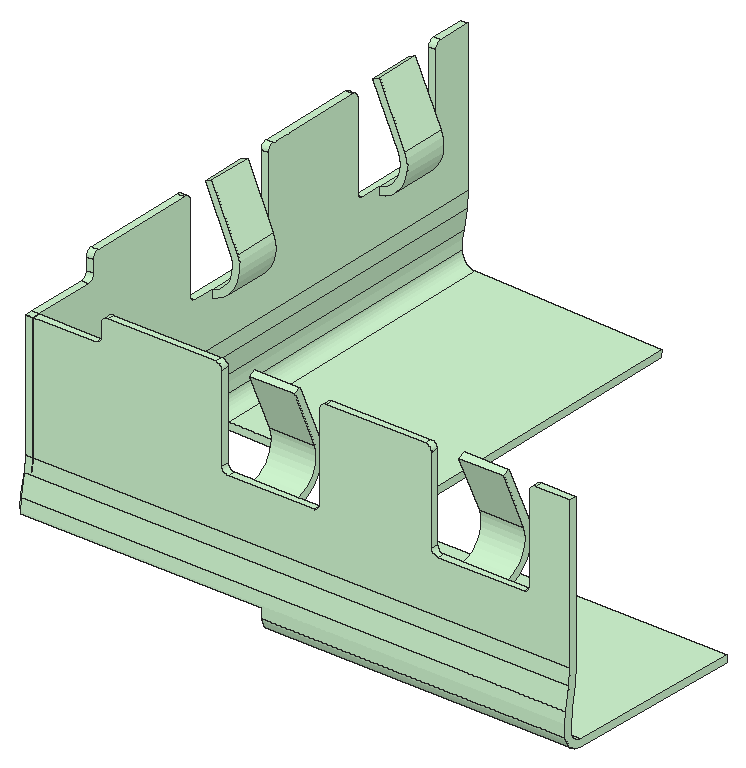
Revit family "25Lバー入隅J-eL3025(ツメ)", category 機械設備, Revit 2020
Family settings
  丸型コネクタ寸法 = 直径を使用
  種別 = なし
  パーツ タイプ = 標準
  作業面ベース = いいえ
  常に垂直 = はい
  ロード時にボイドで切り取り = いいえ
  共有 = いいえ
  部屋計算ポイント = いいえ
Parameters
  製造元 = "株式会社桐井製作所"
  既定の高さ = 0 mm
  URL = "https://www.kirii.co.jp/"
  K_材質 = "溶融亜鉛めっき鋼板及び鋼帯 SGCC 一般用"
  K_品名 = "25Lバー入隅J-eL3025(ツメ)"
  K_名称 = "Lバージョイント"
  K_入数 = "300"
  K_備考 = "対象Lバー:eL3025(25面）"
  K_バージョン情報 = "20220915"
  K_めっき付着量 = "Z12"
  K_JIS規格 = "JIS G 3302"
Reference planes
  plane 1 "中心(正面/背面)": y = 0
  plane 2: z = 0
  plane 3 "中心(左/右)": x = 0
Forms (mm)
  Extrusion 1, solid
    sketch origin (0, 0, 0) x (0, 1, 0) y (0, 0, 1)
      loop
        arc (-0.8, 8.594) -> (-0.836, 7.748) -> (-0.943, 6.909) r 10
        line (-0.943, 6.909) -> (-1.357, 4.488)
        arc (-1.357, 4.488) -> (-1.492, 3.205) -> (-1.461, 1.915) r 10
        arc (-1.461, 1.915) -> (-0.699, 0.595) -> (0.72, 0.041) r 2.3
        line (0.72, 0.041) -> (21.2, -0.5) -> (21.228, 0.3) -> (0.747, 0.84)
        arc (0.747, 0.84) -> (-0.324, 1.346) -> (-0.694, 2.472) r 1.5
        arc (-0.694, 2.472) -> (-0.68, 3.416) -> (-0.568, 4.353) r 9.2
        line (-0.568, 4.353) -> (-0.154, 6.774)
        arc (-0.154, 6.774) -> (-0.039, 7.681) -> (0, 8.594) r 10.8
        line (0, 8.594) -> (0, 25.5) -> (-0.8, 25.5) -> (-0.8, 8.594)
    from -0.8 to 60.2
  Extrusion 2, void
    sketch origin (0, 0, 0) x (1, 0, 0) y (0, 0, 1)
      loop
        line (21.2, 24.8) -> (21.2, 15.2)
        arc (21.2, 15.2) -> (21.405, 14.705) -> (21.9, 14.5) r 0.7
        line (21.9, 14.5) -> (31.5, 14.5)
        arc (31.5, 14.5) -> (31.995, 14.705) -> (32.2, 15.2) r 0.7
        line (32.2, 15.2) -> (32.2, 24.8)
        arc (32.2, 24.8) -> (32.405, 25.295) -> (32.9, 25.5) r 0.7
        line (32.9, 25.5) -> (20.5, 25.5)
        arc (20.5, 25.5) -> (20.995, 25.295) -> (21.2, 24.8) r 0.7
    from 0 to 0.8
  Extrusion 3, void
    sketch origin (23.5, 0, 0) x (1, 0, 0) y (0, 0, 1)
      loop
        line (21.2, 24.8) -> (21.2, 15.2)
        arc (21.2, 15.2) -> (21.405, 14.705) -> (21.9, 14.5) r 0.7
        line (21.9, 14.5) -> (31.5, 14.5)
        arc (31.5, 14.5) -> (31.995, 14.705) -> (32.2, 15.2) r 0.7
        line (32.2, 15.2) -> (32.2, 24.8)
        arc (32.2, 24.8) -> (32.405, 25.295) -> (32.9, 25.5) r 0.7
        line (32.9, 25.5) -> (20.5, 25.5)
        arc (20.5, 25.5) -> (20.995, 25.295) -> (21.2, 24.8) r 0.7
    from 0 to 0.8
  Extrusion 4, void
    sketch origin (0, 0, 0) x (0, 1, 0) y (0, 0, 1)
      loop
        line (55.7, 15.2) -> (55.7, 24.8)
        arc (55.7, 24.8) -> (55.905, 25.295) -> (56.4, 25.5) r 0.7
        line (56.4, 25.5) -> (44, 25.5)
        arc (44, 25.5) -> (44.495, 25.295) -> (44.7, 24.8) r 0.7
        line (44.7, 24.8) -> (44.7, 15.2)
        arc (44.7, 15.2) -> (44.905, 14.705) -> (45.4, 14.5) r 0.7
        line (45.4, 14.5) -> (55, 14.5)
        arc (55, 14.5) -> (55.495, 14.705) -> (55.7, 15.2) r 0.7
    from -0.8 to 0
  Extrusion 5, solid
    sketch origin (-0.8, 0, 0) x (-1, 0, 0) y (0, 0, -1)
      loop
        arc (-0.646, -6.776) -> (-0.76, -7.681) -> (-0.8, -8.594) r 10.799
        line (-0.8, -8.594) -> (-0.8, -25.5) -> (0, -25.5) -> (0.001, -8.594)
        arc (0.001, -8.594) -> (0.036, -7.749) -> (0.142, -6.911) r 10
        line (0.142, -6.911) -> (0.556, -4.489)
        arc (0.556, -4.489) -> (0.691, -3.206) -> (0.66, -1.917) r 10
        arc (0.66, -1.917) -> (-0.101, -0.598) -> (-1.521, -0.041) r 2.299
        line (-1.521, -0.041) -> (-22.472, 0.5) -> (-22.5, -0.3) -> (-1.548, -0.842)
        arc (-1.548, -0.842) -> (-0.476, -1.348) -> (-0.106, -2.474) r 1.5
        arc (-0.106, -2.474) -> (-0.126, -3.501) -> (-0.261, -4.52) r 9.201
        line (-0.261, -4.52) -> (-0.646, -6.776)
    from -60.2 to 0.8
  Extrusion 6, void
    sketch origin (0, 0, 0) x (1, 0, 0) y (0, 1, 0)
      loop
        line (26.2, 25.728) -> (-1.736, 25.728) -> (-1.736, -1.829) -> (26.2, -1.829) -> (26.2, 25.728)
    from -0.8 to 3
  Extrusion 7, void
    sketch origin (0, -23.5, 0) x (0, 1, 0) y (0, 0, 1)
      loop
        line (55.7, 15.2) -> (55.7, 24.8)
        arc (55.7, 24.8) -> (55.905, 25.295) -> (56.4, 25.5) r 0.7
        line (56.4, 25.5) -> (44, 25.5)
        arc (44, 25.5) -> (44.495, 25.295) -> (44.7, 24.8) r 0.7
        line (44.7, 24.8) -> (44.7, 15.2)
        arc (44.7, 15.2) -> (44.905, 14.705) -> (45.4, 14.5) r 0.7
        line (45.4, 14.5) -> (55, 14.5)
        arc (55, 14.5) -> (55.495, 14.705) -> (55.7, 15.2) r 0.7
    from -0.8 to 0
  Extrusion 8, void
    sketch origin (0, 0, 0) x (0, 1, 0) y (0, 0, 1)
      loop
        line (8.4, 25.5) -> (-0.8, 25.5) -> (-0.8, 22.7) -> (7, 22.7)
        arc (7, 22.7) -> (7.495, 22.905) -> (7.7, 23.4) r 0.7
        line (7.7, 23.4) -> (7.7, 24.8)
        arc (7.7, 24.8) -> (7.905, 25.295) -> (8.4, 25.5) r 0.7
    from -0.8 to 0
  Extrusion 9, void
    sketch origin (0, -0.8, 0) x (1, 0, 0) y (0, 0, 1)
      loop
        line (8.4, 25.5) -> (-0.8, 25.5) -> (-0.8, 22.7) -> (7, 22.7)
        arc (7, 22.7) -> (7.495, 22.905) -> (7.7, 23.4) r 0.7
        line (7.7, 23.4) -> (7.7, 24.8)
        arc (7.7, 24.8) -> (7.905, 25.295) -> (8.4, 25.5) r 0.7
    from -0.8 to 0
  Extrusion 10, solid
    sketch origin (122, 0, -5.321) x (0, -1, 0) y (0, 0, -1)
      loop
        line (0.665, -30.525) -> (-2.199, -24.083)
        arc (-2.199, -24.083) -> (-2.047, -21.458) -> (0, -19.821) r 3.2
        line (0, -19.821) -> (0, -19)
        arc (0, -19) -> (-2.72, -21.019) -> (-2.915, -24.402) r 4
        line (-2.915, -24.402) -> (-0.067, -30.85) -> (0.665, -30.525)
    from -74.3 to -69.3
  Extrusion 11, solid
    sketch origin (98.5, 0, -5.321) x (0, -1, 0) y (0, 0, -1)
      loop
        line (0.665, -30.525) -> (-2.199, -24.083)
        arc (-2.199, -24.083) -> (-2.047, -21.458) -> (0, -19.821) r 3.2
        line (0, -19.821) -> (0, -19)
        arc (0, -19) -> (-2.72, -21.019) -> (-2.915, -24.402) r 4
        line (-2.915, -24.402) -> (-0.067, -30.85) -> (0.665, -30.525)
    from -74.3 to -69.3
  Extrusion 12, solid
    sketch origin (0, -23.9, -5.321) x (-1, 0, 0) y (0, 0, -1)
      loop
        line (0.665, -30.525) -> (-2.199, -24.083)
        arc (-2.199, -24.083) -> (-2.047, -21.458) -> (0, -19.821) r 3.2
        line (0, -19.821) -> (0, -19)
        arc (0, -19) -> (-2.72, -21.019) -> (-2.915, -24.402) r 4
        line (-2.915, -24.402) -> (-0.067, -30.85) -> (0.665, -30.525)
    from -76.6 to -71.6
  Extrusion 13, solid
    sketch origin (0, -45.1, -5.321) x (-1, 0, 0) y (0, 0, -1)
      loop
        line (0.665, -30.525) -> (-2.199, -24.083)
        arc (-2.199, -24.083) -> (-2.047, -21.458) -> (0, -19.821) r 3.2
        line (0, -19.821) -> (0, -19)
        arc (0, -19) -> (-2.72, -21.019) -> (-2.915, -24.402) r 4
        line (-2.915, -24.402) -> (-0.067, -30.85) -> (0.665, -30.525)
    from -74.3 to -69.3
Cuts and joins
  Extrusion 2, Extrusion 3, Extrusion 6, Extrusion 8, Extrusion 9 cuts Extrusion 1
  joined: Extrusion 1, Extrusion 10, Extrusion 11
  Extrusion 4, Extrusion 6, Extrusion 7, Extrusion 8, Extrusion 9 cuts Extrusion 5
  joined: Extrusion 5, Extrusion 12, Extrusion 13
Dimensions and locks
  aligned and locked: level to plane 2
